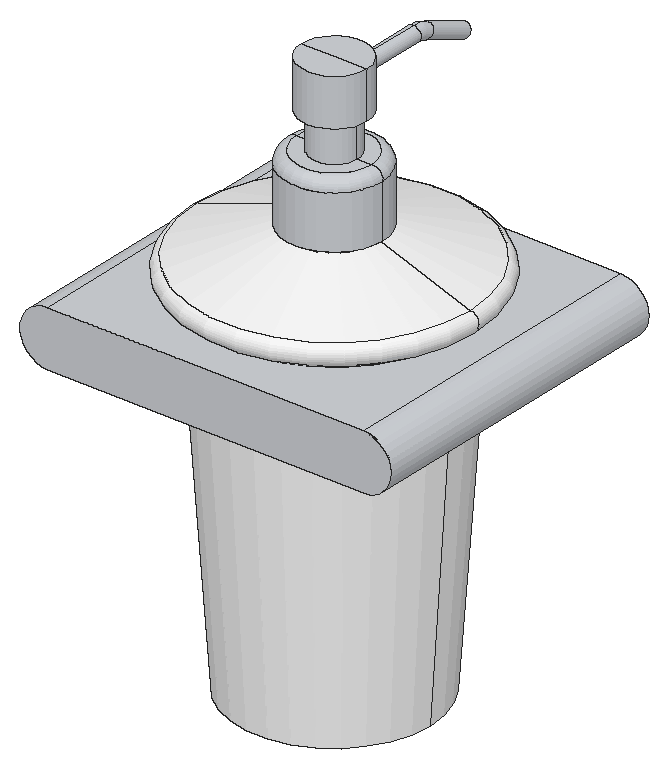
Revit family "LQ6140001_Jabonera Líquida", category Furniture, host Wall, Revit 2019
Family settings
  Host = Wall
  OmniClass Number = 23.31.25.29.11
  OmniClass Title = Hand Soap Holders
  Always vertical = Yes
  Cut with Voids When Loaded = No
  Shared = No
  Room Calculation Point = No
Parameters (values of type "Type 1")
  Uso = "Residencial"  # constant formula
  URL = "https://corona.co/productos/accesorios/accesorios-individuales/jabonera-liquid-niquel/p/LQ6140001"
  Tecnologías = "DuraCrome"  # constant formula
  Resistencia = "Resistente a la corrosión\r\npelado y decoloración por agua\r\nResistencia al peso general hasta 9 kg\r\nResistencia al peso del toallero barra hasta 23 kg"  # constant formula
  Referencia = "LQ6050001"  # constant formula
  Profundidad = 86.5 mm  # constant formula
  Número de piezas = "6"  # constant formula
  Material = Corona_Niquel
  Manufacturer = "Corona"  # constant formula
  Línea = "Liquid"  # constant formula
  Garantía Acabados = "5 años en acabados"  # constant formula
  Garantía = "30 años en estructura"  # constant formula
  Fecha de creación = "3/10/2020"  # constant formula
  Description = "Los accesorios Liquid Niquel se inspiran en la tensión superficial del agua y en cómo esta crea formas armónicas adaptándose al ambiente. Sistema de fijación oculto, ¡lo que buscabas!"  # constant formula
  Creado por = "IDD"  # constant formula
  Componentes = "Percha - Toallero - Jabonera - Barra - Cepillera - Portarrollo"  # constant formula
  Colección = "Liquid"  # constant formula
  Ancho = 100 mm  # constant formula
  Altura = 900 mm
  Alto = 152.5 mm  # constant formula
Reference planes
  plane 1 "Wall": y = 0
  plane 2 "Center (Left/Right)": x = 125
  plane 3 "Back": y = 75
  plane 4: z = 900
  plane 5: x = 175
  plane 6: x = 75
  plane 7: z = 976.25
  plane 8: z = 823.75
  plane 9: y = 161.5
Text (mm)
  text "Placement Side" at (-1848.837, 1116.779, 0), in view "Ref. Level"
  text "Placement side" at (0, 1409.804, 2854.306), in view "Left"
  text "Placement side" at (0, 499.811, 2980.732), in view "Right"
Dimensions and locks
  locked: plane 3 "Back" to host wall
  equal spacing: plane 8, plane 4, plane 7
  "Alto": plane 8 to plane 7
  equal spacing: plane 6, plane 2 "Center (Left/Right)", plane 5
  "Ancho": plane 6 to plane 5
  "Profundidad": plane 9 to host wall
  plane 4 to plane 8 = 76.25 mm
  "Altura": plane 4 to level
  aligned and locked: plane 1 "Wall" to host wall
  aligned and locked: nested 1 to plane 7
  aligned and locked: nested 3 to plane 7
  aligned and locked: nested 3 to plane 5
  aligned and locked: nested 4 to plane 9
  aligned and locked: nested 4 to plane 5
  aligned and locked: plane 7 to nested 2
  aligned and locked: plane 5 to nested 2
Nested families
  nested 1: "Lateral" at (125, 75, 823.75) x (0, -1, 0) z (1, 0, 0), type "Lateral"
  nested 2: "Jabonera" at (75, 118.25, 823.75), type "Jabonera"
  nested 3: "Frontal" at (175, 0, 823.75) x (-1, 0, 0) z (0, -1, 0), type "Frontal"
  nested 4: "Planta" at (75, 75, 0), type "Planta"
Definition of nested family "Jabonera"
  Parameters (values of type "Jabonera")
    Profundidad = 86.5 mm
    Material = none
    Ancho = 100 mm
    Alto = 152.5 mm
  Reference planes
    plane 1 "Center (Front/Back)": y = 0
    plane 2: z = 0
    plane 3 "Center (Left/Right)": x = 0
    plane 4: x = 100
    plane 5: y = 43.25
    plane 6: y = -43.25
    plane 7: z = 152.5
  Forms (mm)
    Extrusion 1, solid, material <- "Material", detail levels coarse
      sketch origin (0, 0, 0) x (1, 0, 0) y (0, 1, 0)
        loop
          line (0, 43.25) -> (0, -43.25) -> (100, -43.25) -> (100, 43.25) -> (0, 43.25)
      from 0 to 152.5
    Revolve 2, solid, material <- "Material", detail levels medium+fine
      sketch origin (0, 0, 0) x (1, 0, 0) y (0, 0, 1)
        loop
          line (50, 112.523) -> (50, 152.5) -> (41.25, 152.5) -> (41.25, 139.875) -> (43.855, 139.875) -> (43.855, 129.875) -> (39.98, 129.875)
          arc (39.98, 129.875) -> (37.859, 128.996) -> (36.98, 126.875) r 3
          line (36.98, 126.875) -> (36.98, 112.523) -> (50, 112.523)
        axis (50, 152.5) -> (50, 112.523)
      angle from 0 to 360
    Extrusion 3, solid, material <- "Material", detail levels medium+fine
      sketch origin (0, 0, 0) x (1, 0, 0) y (0, 0, 1)
        loop
          arc (7.5, 95.989) -> (0, 88.489) -> (7.5, 80.989) r 7.5
          line (7.5, 80.989) -> (92.5, 80.989)
          arc (92.5, 80.989) -> (100, 88.489) -> (92.5, 95.989) r 7.5
          line (92.5, 95.989) -> (7.5, 95.989)
      from -43.25 to 43.25
    Sweep 4, solid, material <- "Material", detail levels medium+fine
      path origin (0, 0, 0) x (0, 1, 0) y (0, 0, 1)
        loop
          line (8.75, 146.187) -> (26.668, 146.187)
          arc (26.668, 146.187) -> (28.706, 145.977) -> (30.659, 145.356) r 10
          line (30.659, 145.356) -> (43.25, 139.875)
      profile origin (0, 17.709, 146.187) x (0, 0, 1) y (1, 0, 0)
        loop
          circle (0, 50) r 2
    Revolve 5, solid, detail levels medium+fine
      sketch origin (0, 0, 0) x (1, 0, 0) y (0, 0, 1)
        loop
          line (50, 0.2) -> (50, 112.365) -> (37.138, 112.365) -> (13.178, 104.115)
          arc (13.178, 104.115) -> (11.193, 101.597) -> (12.661, 98.746) r 2.964
          line (12.661, 98.746) -> (17.23, 96.109) -> (23.937, 0.2) -> (50, 0.2)
        axis (50, 112.365) -> (50, 0.2)
      angle from 0 to 360
  Cuts and joins
    joined: Revolve 2, Sweep 4
  Dimensions and locks
    equal spacing: plane 5, plane 1 "Center (Front/Back)", plane 6
    "Profundidad": plane 5 to plane 6
    "Ancho": plane 3 "Center (Left/Right)" to plane 4
    "Alto": plane 7 to level
    aligned and locked: level to plane 2
    aligned and locked: Extrusion 1 sketch curve to plane 5
    aligned and locked: plane 4 to Extrusion 1 sketch curve
    aligned and locked: plane 6 to Extrusion 1 sketch curve
    aligned and locked: plane 7 to Extrusion 1
    aligned and locked: plane 5 to Extrusion 3
    aligned and locked: Extrusion 3 to plane 6
  Automatic sketch dimensions
    Extrusion 1 sketch curve to plane 3 "Center (Left/Right)" = 0 mm
    plane 3 "Center (Left/Right)" to Extrusion 3 sketch curve = 7.5 mm
    plane 4 to Extrusion 3 sketch curve = 7.5 mm
    Extrusion 3 sketch curve to plane 7 = 71.511 mm
    Extrusion 3 sketch curve to Extrusion 3 sketch curve = 7.5 mm
    Sweep 4 sketch curve to plane 5 = 0 mm
    Sweep 4 sketch curve to plane 5 = 12.591 mm
    Sweep 4 sketch curve to Sweep 4 sketch curve = 3.992 mm
    Sweep 4 sketch curve to plane 7 = 16.313 mm
    Sweep 4 sketch curve to plane 7 = 7.144 mm
    Sweep 4 sketch curve to plane 1 "Center (Front/Back)" = 8.75 mm
    Sweep 4 sketch curve to plane 7 = 12.625 mm
    Sweep 4 sketch curve to profile plane = 0 mm
    plane 3 "Center (Left/Right)" to Sweep 4 sketch curve = 50 mm
    Revolve 2 sketch curve to plane 7 = 0 mm
    plane 3 "Center (Left/Right)" to Revolve 2 sketch curve = 36.98 mm
    Revolve 2 sketch curve to Revolve 2 sketch curve = 3 mm
    Revolve 2 sketch curve to Revolve 2 sketch curve = 1.27 mm
    Revolve 2 sketch curve to Revolve 2 sketch curve = 2.605 mm
    Revolve 2 sketch curve to Revolve 2 sketch curve = 8.75 mm
    Revolve 2 sketch curve to plane 7 = 12.625 mm
    Revolve 2 sketch curve to Revolve 2 sketch curve = 10 mm
    Revolve 2 sketch curve to Revolve 2 sketch curve = 14.352 mm
    Revolve 2 sketch curve to Revolve 2 sketch curve = 0 mm
    Revolve 2 sketch curve to Revolve 2 sketch curve = 7.477 mm
    Revolve 2 sketch curve to level = 30 mm
    plane 4 to Revolve 5 sketch curve = 87.339 mm
    Revolve 5 sketch curve to Revolve 5 sketch curve = 0.517 mm
    Revolve 5 sketch curve to Revolve 5 sketch curve = 1.482 mm
    Revolve 5 sketch curve to Revolve 5 sketch curve = 4.569 mm
    level to Revolve 5 sketch curve = 0.2 mm
    plane 4 to Revolve 5 sketch curve = 76.063 mm
    Revolve 5 sketch curve to plane 7 = 40.135 mm
    Revolve 5 sketch curve to Revolve 5 sketch curve = 23.96 mm
    Revolve 5 sketch curve to Revolve 5 sketch curve = 12.862 mm
    Revolve 5 sketch curve to Revolve 5 sketch curve = 16.257 mm
    Revolve 5 sketch curve to Revolve 5 sketch curve = 2.638 mm
    Revolve 5 sketch curve to Revolve 5 sketch curve = 2.567 mm
    Revolve 5 sketch curve to Revolve 5 sketch curve = 0 mm  (x2)
    Revolve 5 sketch curve to level = 19.8 mm
    radius of Sweep 4 sketch curve = 2 mm
Definition of nested family "Lateral"
  Reference planes
    plane 1 "Center (Front/Back)": y = 0
    plane 2: z = 0
    plane 3 "Center (Left/Right)": x = 0
    plane 4: y = 152.5
    plane 5: x = -86.5
  Lines and regions (mm)
    detail lines, in view "Ref. Level"
      curve 1: line (-80.5, 76.25, 0) -> (-6, 76.25, 0)
      curve 2: line (-80.5, 96.25, 0) -> (-6, 96.25, 0)
      curve 3: line (-86.5, 82.25, 0) -> (-86.5, 90.25, 0)
      curve 4: line (0, 82.25, 0) -> (0, 90.25, 0)
      curve 5: line (-35.125, 152.5, 0) -> (-51.375, 152.5, 0)
      curve 6: line (-51.375, 152.5, 0) -> (-51.375, 137.5, 0)
      curve 7: line (-51.375, 137.5, 0) -> (-35.125, 137.5, 0)
      curve 8: line (-48.348, 137.5, 0) -> (-48.348, 130.288, 0)
      curve 9: line (-36.342, 130.288, 0) -> (-50.158, 130.288, 0)
      curve 10: line (-53.348, 114.307, 0) -> (-78.683, 108.458, 0)
      curve 11: line (-80.426, 99.49, 0) -> (-75.798, 96.25, 0)
      curve 12: arc (-80.426, 99.49, 0) -> (-82.466, 104.54, 0) -> (-78.683, 108.458, 0) r 5
      curve 13: arc (-50.158, 130.288, 0) -> (-52.414, 129.354, 0) -> (-53.348, 127.098, 0) r 3.19
      curve 14: line (-35.125, 152.5, 0) -> (-35.125, 137.5, 0)
      curve 15: line (-33.152, 127.098, 0) -> (-33.152, 114.307, 0)
      curve 16: arc (-36.342, 130.288, 0) -> (-34.086, 129.354, 0) -> (-33.152, 127.098, 0) r 3.19
      curve 17: line (-38.152, 137.5, 0) -> (-38.152, 130.288, 0)
      curve 18: line (-74, 76.25, 0) -> (-70.004, 0, 0)
      curve 19: line (-51.375, 147.5, 0) -> (-71.375, 147.5, 0)
      curve 20: line (-71.375, 147.5, 0) -> (-84.141, 144.079, 0)
      curve 21: line (-70.98, 144.5, 0) -> (-83.365, 141.182, 0)
      curve 22: line (-51.375, 144.5, 0) -> (-70.98, 144.5, 0)
      curve 23: line (-83.365, 141.182, 0) -> (-84.141, 144.079, 0)
      curve 24: line (-53.348, 127.098, 0) -> (-53.348, 114.307, 0)
      curve 25: line (-33.152, 114.307, 0) -> (-7.817, 108.458, 0)
      curve 26: line (-6.074, 99.49, 0) -> (-10.702, 96.25, 0)
      curve 27: arc (-6.074, 99.49, 0) -> (-4.034, 104.54, 0) -> (-7.817, 108.458, 0) r 5
      curve 28: line (-12.5, 76.25, 0) -> (-16.496, 0, 0)
      curve 29: line (-53.348, 114.307, 0) -> (-33.152, 114.307, 0)
      curve 30: arc (-86.5, 90.25, 0) -> (-84.743, 94.493, 0) -> (-80.5, 96.25, 0) r 6
      curve 31: arc (-86.5, 82.25, 0) -> (-84.743, 78.007, 0) -> (-80.5, 76.25, 0) r 6
      curve 32: arc (-6, 96.25, 0) -> (-1.757, 94.493, 0) -> (0, 90.25, 0) r 6
      curve 33: arc (-6, 76.25, 0) -> (-1.757, 78.007, 0) -> (0, 82.25, 0) r 6
      curve 34: line (-70.004, 0, 0) -> (-16.496, 0, 0)
Definition of nested family "Frontal"
  Reference planes
    plane 1 "Center (Front/Back)": y = 0
    plane 2: z = 0
    plane 3 "Center (Left/Right)": x = 0
    plane 4: x = 100
    plane 5: y = 152.5
  Lines and regions (mm)
    detail lines, in view "Ref. Level"
      curve 1: line (0, 76.25, 0) -> (100, 76.25, 0)
      curve 2: line (0, 96.25, 0) -> (100, 96.25, 0)
      curve 3: line (0, 76.25, 0) -> (0, 96.25, 0)
      curve 4: line (100, 76.25, 0) -> (100, 96.25, 0)
      curve 5: line (57.5, 152.5, 0) -> (42.5, 152.5, 0)
      curve 6: line (42.5, 152.5, 0) -> (42.5, 137.5, 0)
      curve 7: line (42.5, 137.5, 0) -> (57.5, 137.5, 0)
      curve 8: line (45.527, 137.5, 0) -> (45.527, 130.288, 0)
      curve 9: line (56.283, 130.288, 0) -> (43.717, 130.288, 0)
      curve 10: line (40.527, 127.098, 0) -> (40.527, 115.288, 0)
      curve 11: line (40.527, 115.288, 0) -> (10.942, 108.458, 0)
      curve 12: line (9.199, 99.49, 0) -> (13.827, 96.25, 0)
      curve 13: arc (9.199, 99.49, 0) -> (7.159, 104.54, 0) -> (10.942, 108.458, 0) r 5
      curve 14: arc (43.717, 130.288, 0) -> (41.461, 129.354, 0) -> (40.527, 127.098, 0) r 3.19
      curve 15: line (57.5, 152.5, 0) -> (57.5, 137.5, 0)
      curve 16: line (59.473, 127.098, 0) -> (59.473, 115.288, 0)
      curve 17: line (59.473, 115.288, 0) -> (89.058, 108.458, 0)
      curve 18: line (90.801, 99.49, 0) -> (86.173, 96.25, 0)
      curve 19: arc (90.801, 99.49, 0) -> (92.841, 104.54, 0) -> (89.058, 108.458, 0) r 5
      curve 20: arc (56.283, 130.288, 0) -> (58.539, 129.354, 0) -> (59.473, 127.098, 0) r 3.19
      curve 21: line (54.473, 137.5, 0) -> (54.473, 130.288, 0)
      curve 22: line (40.527, 115.288, 0) -> (59.473, 115.288, 0)
      curve 23: line (20, 76.25, 0) -> (23.996, 0, 0)
      curve 24: line (80, 76.25, 0) -> (76.004, 0, 0)
      curve 25: line (23.996, 0, 0) -> (76.004, 0, 0)
      curve 26: circle (50, 142.63, 0) r 1.5 normal (0, 0, 1)
      curve 27: line (51.5, 142.63, 0) -> (51.5, 146, 0)
      curve 28: line (48.5, 142.63, 0) -> (48.5, 146, 0)
      curve 29: circle (50, 142.63, 0) r 1.3 normal (0, 0, 1)
      curve 30: arc (51.5, 146, 0) -> (50, 147.5, 0) -> (48.5, 146, 0) r 1.5
Definition of nested family "Planta"
  Reference planes
    plane 1 "Center (Front/Back)": y = 0
    plane 2: z = 0
    plane 3 "Center (Left/Right)": x = 0
    plane 4: x = 100
    plane 5: y = 86.5
  Lines and regions (mm)
    detail lines, in view "Ref. Level"
      curve 1: line (0, 86.5, 0) -> (100, 86.5, 0)
      curve 2: line (0, 0, 0) -> (0, 86.5, 0)
      curve 3: line (100, 0, 0) -> (0, 0, 0)
      curve 4: line (100, 86.5, 0) -> (100, 0, 0)
      curve 5: circle (50, 43.25, 0) r 35 normal (0, 0, 1)
      curve 6: circle (50, 43.25, 0) r 7.041 normal (0, 0, 1)
      curve 7: line (49, 50.22, 0) -> (49, 70.291, 0)
      curve 8: line (49, 70.291, 0) -> (51, 70.291, 0)
      curve 9: line (51, 70.291, 0) -> (51, 50.22, 0)
      curve 10: arc (49, 53.2, 0) -> (50, 33.25, 0) -> (51, 53.2, 0) r 10
